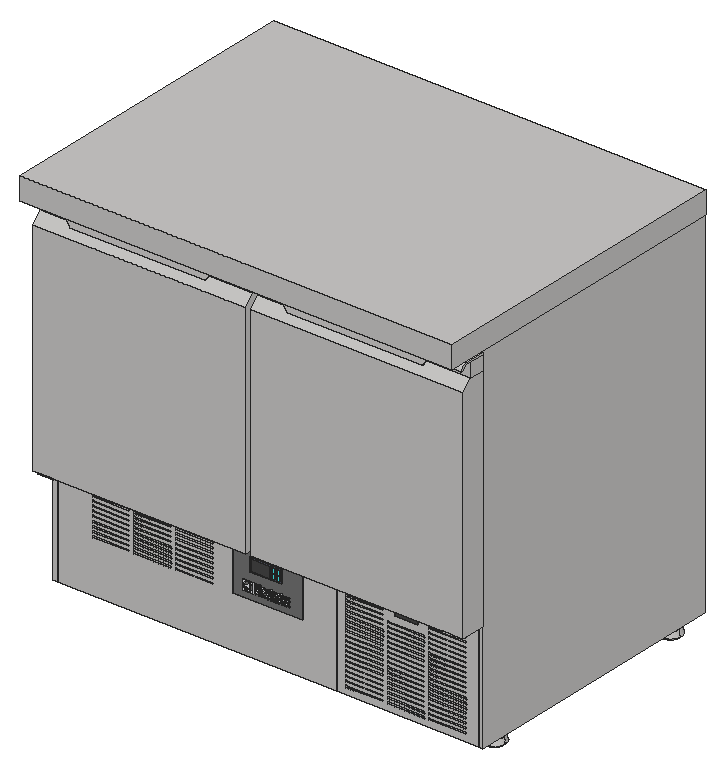
Revit family "QF_ELECTROLUXPROFESSIONAL_725109_SAL25T20", category Attrezzature speciali, Revit 2021
Family settings
  Quota connettore circolare = Usa diametro
  Tipo di parte = Normale
  Basato su piano di lavoro = No
  Sempre verticale = Sì
  Taglio con vuoti quando caricato = No
  Condiviso = No
  Punto di calcolo locali = No
Parameters (values of type "Standard")
  Weight = 82.00 kg
  Watts = 220 W
  Volts = 220 V
  URL Manufacturer = "https://www.electroluxprofessional.com/"
  URL = "https://www.electroluxprofessional.com/"
  Steam Supply Size = 0 mm
  Steam Supply Minimum Pressure = 0.0 Pa
  Steam Supply Maximum Pressure = 0.0 Pa
  Steam Consumption per Hour = 0
  Refrigeration Suction Line Size = 0 mm
  Refrigeration Liquid Line Size = 0 mm
  Refrigerant Compressor Remote = yes
  Prospetto di default = 0 mm
  Produttore = "Electrolux Professional"
  Phase = 1
  Modello = "SAL25T20"
  Length Actual = 955 mm  # constant formula
  Item Number = "725109"
  Hot Water Size = 0 mm
  Height Actual = 858 mm  # constant formula
  HP = "0.3 HP"
  Gas Size = 0 mm
  Gas KW = 0
  Gas Input Pressure = 0 W
  Direct Waste Size = 0 mm
  Descrizione = "2-DOOR REFRIGERATED COUNTER 250L +2+10° + STAINLESS STEEL TOP R290"
  Depth Actual = 700 mm  # constant formula
  Cycle = 50 Hz
  Condensate Return Size = 0 mm
  Compressed Air Volume = 0.0 L/s
  Compressed Air Size = 0 mm
  Compressed Air Pressure = 0.0 Pa
  Cold Water Size = 0 mm
  Accessory = yes
Reference planes
  plane 1: z = 0
  plane 2 "Center (Left/Right)": x = -126.5
  plane 3 "Center (Front/Back)": y = 64.5
  plane 4 "BACK": y = 414.5
  plane 5 "FRONT": y = -285.5
  plane 6 "LEFT": x = -604
  plane 7 "RIGHT": x = 351
  plane 8 "FEET": z = 20
  plane 9 "TOP": z = 858
  plane 10 "PLAIN": z = 808
  plane 11 "EI_back": y = 414.5
  plane 12 "EI_left": x = 287.5
  plane 13 "BorderBack": y = 414.5
  plane 14 "BorderFront": y = -252.5
  plane 15 "DOOR": y = -197.5
  plane 16 "BorderLeft": x = -601.5
  plane 17 "BorderRight": x = 348.5
  plane 18: x = -576.5
  plane 19: x = 323.5
  plane 20: y = -701.5
  plane 21: z = 260
  plane 22 "FeetBack": y = 347.5
  plane 23 "FeetFront": y = -137.5
  plane 24 "FeetRight": x = 326.2
  plane 25 "FeetLeft": x = -579.2
  plane 26 "DrainX": x = -271.5
  plane 27 "DrainY": y = 91.5
  plane 28: z = 238
Forms (mm)
  Extrusion 1, solid, material "QF_Finishes_Stainless Steel"
    sketch origin (-1022.223, 359, -1763) x (-1, 0, 0) y (0, 0, -1)
      loop
        circle (-1309.723, -1883) r 5
    from -55.5 to -57.278
  Extrusion 2, solid, material "QF_Finishes_Stainless Steel"
    sketch origin (-1022.223, -1524, 20) x (-1, 0, 0) y (0, -1, 0)
      loop
        line (-420.723, -1938.5) -> (-420.723, -1326.5) -> (-1370.723, -1326.5) -> (-1370.723, -1938.5) -> (-420.723, -1938.5)
    from 0 to 788
  Extrusion 3, solid, material "QF_Finishes_Stainless Steel"
    sketch origin (0, 0, 808) x (-1, 0, 0) y (0, -1, 0)
      loop
        line (604, -414.5) -> (604, 285.5) -> (-351, 285.5) -> (-351, -414.5) -> (604, -414.5)
    from 0 to 50
  Extrusion 4, void
    sketch origin (0, 0, 0) x (1, 0, 0) y (0, 1, 0)
      loop
        line (-591.5, -197.5) -> (338.5, -197.5) -> (338.5, -195.5) -> (-591.5, -195.5) -> (-591.5, -197.5)
    from 20 to 260
  Extrusion 5, solid, material "QF_Finishes_Stainless Steel"
    sketch origin (0, 0, 0) x (1, 0, 0) y (0, 1, 0)
      loop
        line (-591.5, -195.5) -> (-591.5, -197.5) -> (26.373, -197.5) -> (26.373, -195.5) -> (-591.5, -195.5)
    from 20 to 260
  Extrusion 6, solid, material "QF_Finishes_Stainless Steel"
    sketch origin (0, 0, 0) x (1, 0, 0) y (0, 1, 0)
      loop
        line (26.373, -195.5) -> (26.373, -197.5) -> (338.5, -197.5) -> (338.5, -195.5) -> (26.373, -195.5)
    from 20 to 260
  Extrusion 7, void
    sketch origin (560, -285.5, 0) x (-1, 0, 0) y (0, 0, 1)
      loop
        line (514.036, 239.427) -> (431.036, 239.427) -> (431.036, 234.427) -> (514.036, 234.427) -> (514.036, 239.427)
      loop
        line (514.036, 229.427) -> (431.036, 229.427) -> (431.036, 224.427) -> (514.036, 224.427) -> (514.036, 229.427)
      loop
        line (514.036, 219.427) -> (431.036, 219.427) -> (431.036, 214.427) -> (514.036, 214.427) -> (514.036, 219.427)
      loop
        line (514.036, 209.427) -> (431.036, 209.427) -> (431.036, 204.427) -> (514.036, 204.427) -> (514.036, 209.427)
      loop
        line (514.036, 199.427) -> (431.036, 199.427) -> (431.036, 194.427) -> (514.036, 194.427) -> (514.036, 199.427)
      loop
        line (514.036, 189.427) -> (431.036, 189.427) -> (431.036, 184.427) -> (514.036, 184.427) -> (514.036, 189.427)
      loop
        line (514.036, 179.427) -> (431.036, 179.427) -> (431.036, 174.427) -> (514.036, 174.427) -> (514.036, 179.427)
      loop
        line (514.036, 169.427) -> (431.036, 169.427) -> (431.036, 164.427) -> (514.036, 164.427) -> (514.036, 169.427)
      loop
        line (514.036, 149.427) -> (431.036, 149.427) -> (431.036, 144.427) -> (514.036, 144.427) -> (514.036, 149.427)
      loop
        line (514.036, 139.427) -> (431.036, 139.427) -> (431.036, 134.427) -> (514.036, 134.427) -> (514.036, 139.427)
      loop
        line (422.036, 199.427) -> (339.036, 199.427) -> (339.036, 194.427) -> (422.036, 194.427) -> (422.036, 199.427)
      loop
        line (422.036, 189.427) -> (339.036, 189.427) -> (339.036, 184.427) -> (422.036, 184.427) -> (422.036, 189.427)
      loop
        line (422.036, 179.427) -> (339.036, 179.427) -> (339.036, 174.427) -> (422.036, 174.427) -> (422.036, 179.427)
      loop
        line (422.036, 149.427) -> (339.036, 149.427) -> (339.036, 144.427) -> (422.036, 144.427) -> (422.036, 149.427)
      loop
        line (422.036, 139.427) -> (339.036, 139.427) -> (339.036, 134.427) -> (422.036, 134.427) -> (422.036, 139.427)
      loop
        line (330.036, 239.427) -> (247.036, 239.427) -> (247.036, 234.427) -> (330.036, 234.427) -> (330.036, 239.427)
      loop
        line (330.036, 229.427) -> (247.036, 229.427) -> (247.036, 224.427) -> (330.036, 224.427) -> (330.036, 229.427)
      loop
        line (330.036, 219.427) -> (247.036, 219.427) -> (247.036, 214.427) -> (330.036, 214.427) -> (330.036, 219.427)
      loop
        line (330.036, 209.427) -> (247.036, 209.427) -> (247.036, 204.427) -> (330.036, 204.427) -> (330.036, 209.427)
      loop
        line (330.036, 199.427) -> (247.036, 199.427) -> (247.036, 194.427) -> (330.036, 194.427) -> (330.036, 199.427)
      loop
        line (330.036, 189.427) -> (247.036, 189.427) -> (247.036, 184.427) -> (330.036, 184.427) -> (330.036, 189.427)
      loop
        line (330.036, 179.427) -> (247.036, 179.427) -> (247.036, 174.427) -> (330.036, 174.427) -> (330.036, 179.427)
      loop
        line (330.036, 149.427) -> (247.036, 149.427) -> (247.036, 144.427) -> (330.036, 144.427) -> (330.036, 149.427)
      loop
        line (330.036, 139.427) -> (247.036, 139.427) -> (247.036, 134.427) -> (330.036, 134.427) -> (330.036, 139.427)
      loop
        line (422.036, 169.427) -> (339.036, 169.427) -> (339.036, 164.427) -> (422.036, 164.427) -> (422.036, 169.427)
      loop
        line (330.036, 169.427) -> (247.036, 169.427) -> (247.036, 164.427) -> (330.036, 164.427) -> (330.036, 169.427)
      loop
        line (514.036, 159.427) -> (431.036, 159.427) -> (431.036, 154.427) -> (514.036, 154.427) -> (514.036, 159.427)
      loop
        line (422.036, 159.427) -> (339.036, 159.427) -> (339.036, 154.427) -> (422.036, 154.427) -> (422.036, 159.427)
      loop
        line (330.036, 159.427) -> (247.036, 159.427) -> (247.036, 154.427) -> (330.036, 154.427) -> (330.036, 159.427)
      loop
        line (514.036, 129.427) -> (431.036, 129.427) -> (431.036, 124.427) -> (514.036, 124.427) -> (514.036, 129.427)
      loop
        line (514.036, 119.427) -> (431.036, 119.427) -> (431.036, 114.427) -> (514.036, 114.427) -> (514.036, 119.427)
      loop
        line (514.036, 109.427) -> (431.036, 109.427) -> (431.036, 104.427) -> (514.036, 104.427) -> (514.036, 109.427)
      loop
        line (514.036, 99.427) -> (431.036, 99.427) -> (431.036, 94.427) -> (514.036, 94.427) -> (514.036, 99.427)
      loop
        line (514.036, 79.427) -> (431.036, 79.427) -> (431.036, 74.427) -> (514.036, 74.427) -> (514.036, 79.427)
      loop
        line (514.036, 69.427) -> (431.036, 69.427) -> (431.036, 64.427) -> (514.036, 64.427) -> (514.036, 69.427)
      loop
        line (422.036, 129.427) -> (339.036, 129.427) -> (339.036, 124.427) -> (422.036, 124.427) -> (422.036, 129.427)
      loop
        line (422.036, 119.427) -> (339.036, 119.427) -> (339.036, 114.427) -> (422.036, 114.427) -> (422.036, 119.427)
      loop
        line (422.036, 109.427) -> (339.036, 109.427) -> (339.036, 104.427) -> (422.036, 104.427) -> (422.036, 109.427)
      loop
        line (422.036, 79.427) -> (339.036, 79.427) -> (339.036, 74.427) -> (422.036, 74.427) -> (422.036, 79.427)
      loop
        line (422.036, 69.427) -> (339.036, 69.427) -> (339.036, 64.427) -> (422.036, 64.427) -> (422.036, 69.427)
      loop
        line (330.036, 129.427) -> (247.036, 129.427) -> (247.036, 124.427) -> (330.036, 124.427) -> (330.036, 129.427)
      loop
        line (330.036, 119.427) -> (247.036, 119.427) -> (247.036, 114.427) -> (330.036, 114.427) -> (330.036, 119.427)
      loop
        line (330.036, 109.427) -> (247.036, 109.427) -> (247.036, 104.427) -> (330.036, 104.427) -> (330.036, 109.427)
      loop
        line (330.036, 79.427) -> (247.036, 79.427) -> (247.036, 74.427) -> (330.036, 74.427) -> (330.036, 79.427)
      loop
        line (330.036, 69.427) -> (247.036, 69.427) -> (247.036, 64.427) -> (330.036, 64.427) -> (330.036, 69.427)
      loop
        line (422.036, 99.427) -> (339.036, 99.427) -> (339.036, 94.427) -> (422.036, 94.427) -> (422.036, 99.427)
      loop
        line (330.036, 99.427) -> (247.036, 99.427) -> (247.036, 94.427) -> (330.036, 94.427) -> (330.036, 99.427)
      loop
        line (514.036, 89.427) -> (431.036, 89.427) -> (431.036, 84.427) -> (514.036, 84.427) -> (514.036, 89.427)
      loop
        line (422.036, 89.427) -> (339.036, 89.427) -> (339.036, 84.427) -> (422.036, 84.427) -> (422.036, 89.427)
      loop
        line (330.036, 89.427) -> (247.036, 89.427) -> (247.036, 84.427) -> (330.036, 84.427) -> (330.036, 89.427)
      loop
        line (514.036, 49.427) -> (431.036, 49.427) -> (431.036, 44.427) -> (514.036, 44.427) -> (514.036, 49.427)
      loop
        line (514.036, 39.427) -> (431.036, 39.427) -> (431.036, 34.427) -> (514.036, 34.427) -> (514.036, 39.427)
      loop
        line (422.036, 49.427) -> (339.036, 49.427) -> (339.036, 44.427) -> (422.036, 44.427) -> (422.036, 49.427)
      loop
        line (422.036, 39.427) -> (339.036, 39.427) -> (339.036, 34.427) -> (422.036, 34.427) -> (422.036, 39.427)
      loop
        line (330.036, 49.427) -> (247.036, 49.427) -> (247.036, 44.427) -> (330.036, 44.427) -> (330.036, 49.427)
      loop
        line (330.036, 39.427) -> (247.036, 39.427) -> (247.036, 34.427) -> (330.036, 34.427) -> (330.036, 39.427)
      loop
        line (514.036, 59.427) -> (431.036, 59.427) -> (431.036, 54.427) -> (514.036, 54.427) -> (514.036, 59.427)
      loop
        line (422.036, 59.427) -> (339.036, 59.427) -> (339.036, 54.427) -> (422.036, 54.427) -> (422.036, 59.427)
      loop
        line (330.036, 59.427) -> (247.036, 59.427) -> (247.036, 54.427) -> (330.036, 54.427) -> (330.036, 59.427)
      loop
        line (405.536, 239.427) -> (355.536, 239.427) -> (355.536, 214.427) -> (405.536, 214.427) -> (405.536, 239.427)
    from 88 to 90
  Extrusion 8, solid, material "QF_Finishes_Black"
    sketch origin (0, -285.5, 0) x (-1, 0, 0) y (0, 0, 1)
      loop
        line (-154.464, 239.427) -> (-204.464, 239.427) -> (-204.464, 214.427) -> (-154.464, 214.427) -> (-154.464, 239.427)
    from 88 to 90
  Extrusion 9, solid, material "QF_Finishes_Stainless Steel"
    sketch origin (-1022.223, -1524, 20) x (-1, 0, 0) y (0, -1, 0)
      loop
        circle (-750.723, -1615.5) r 6.35
    from 199.427 to 218
  Extrusion 10, void
    sketch origin (0, -285.5, 0) x (-1, 0, 0) y (0, 0, 1)
      loop
        line (514.036, 239.427) -> (431.036, 239.427) -> (431.036, 234.427) -> (514.036, 234.427) -> (514.036, 239.427)
      loop
        line (514.036, 229.427) -> (431.036, 229.427) -> (431.036, 224.427) -> (514.036, 224.427) -> (514.036, 229.427)
      loop
        line (514.036, 219.427) -> (431.036, 219.427) -> (431.036, 214.427) -> (514.036, 214.427) -> (514.036, 219.427)
      loop
        line (514.036, 209.427) -> (431.036, 209.427) -> (431.036, 204.427) -> (514.036, 204.427) -> (514.036, 209.427)
      loop
        line (514.036, 199.427) -> (431.036, 199.427) -> (431.036, 194.427) -> (514.036, 194.427) -> (514.036, 199.427)
      loop
        line (514.036, 189.427) -> (431.036, 189.427) -> (431.036, 184.427) -> (514.036, 184.427) -> (514.036, 189.427)
      loop
        line (514.036, 179.427) -> (431.036, 179.427) -> (431.036, 174.427) -> (514.036, 174.427) -> (514.036, 179.427)
      loop
        line (514.036, 169.427) -> (431.036, 169.427) -> (431.036, 164.427) -> (514.036, 164.427) -> (514.036, 169.427)
      loop
        line (514.036, 149.427) -> (431.036, 149.427) -> (431.036, 144.427) -> (514.036, 144.427) -> (514.036, 149.427)
      loop
        line (514.036, 139.427) -> (431.036, 139.427) -> (431.036, 134.427) -> (514.036, 134.427) -> (514.036, 139.427)
      loop
        line (422.036, 199.427) -> (339.036, 199.427) -> (339.036, 194.427) -> (422.036, 194.427) -> (422.036, 199.427)
      loop
        line (422.036, 189.427) -> (339.036, 189.427) -> (339.036, 184.427) -> (422.036, 184.427) -> (422.036, 189.427)
      loop
        line (422.036, 179.427) -> (339.036, 179.427) -> (339.036, 174.427) -> (422.036, 174.427) -> (422.036, 179.427)
      loop
        line (422.036, 149.427) -> (339.036, 149.427) -> (339.036, 144.427) -> (422.036, 144.427) -> (422.036, 149.427)
      loop
        line (422.036, 139.427) -> (339.036, 139.427) -> (339.036, 134.427) -> (422.036, 134.427) -> (422.036, 139.427)
      loop
        line (330.036, 239.427) -> (247.036, 239.427) -> (247.036, 234.427) -> (330.036, 234.427) -> (330.036, 239.427)
      loop
        line (330.036, 229.427) -> (247.036, 229.427) -> (247.036, 224.427) -> (330.036, 224.427) -> (330.036, 229.427)
      loop
        line (330.036, 219.427) -> (247.036, 219.427) -> (247.036, 214.427) -> (330.036, 214.427) -> (330.036, 219.427)
      loop
        line (330.036, 209.427) -> (247.036, 209.427) -> (247.036, 204.427) -> (330.036, 204.427) -> (330.036, 209.427)
      loop
        line (330.036, 199.427) -> (247.036, 199.427) -> (247.036, 194.427) -> (330.036, 194.427) -> (330.036, 199.427)
      loop
        line (330.036, 189.427) -> (247.036, 189.427) -> (247.036, 184.427) -> (330.036, 184.427) -> (330.036, 189.427)
      loop
        line (330.036, 179.427) -> (247.036, 179.427) -> (247.036, 174.427) -> (330.036, 174.427) -> (330.036, 179.427)
      loop
        line (330.036, 149.427) -> (247.036, 149.427) -> (247.036, 144.427) -> (330.036, 144.427) -> (330.036, 149.427)
      loop
        line (330.036, 139.427) -> (247.036, 139.427) -> (247.036, 134.427) -> (330.036, 134.427) -> (330.036, 139.427)
      loop
        line (422.036, 169.427) -> (339.036, 169.427) -> (339.036, 164.427) -> (422.036, 164.427) -> (422.036, 169.427)
      loop
        line (330.036, 169.427) -> (247.036, 169.427) -> (247.036, 164.427) -> (330.036, 164.427) -> (330.036, 169.427)
      loop
        line (514.036, 159.427) -> (431.036, 159.427) -> (431.036, 154.427) -> (514.036, 154.427) -> (514.036, 159.427)
      loop
        line (422.036, 159.427) -> (339.036, 159.427) -> (339.036, 154.427) -> (422.036, 154.427) -> (422.036, 159.427)
      loop
        line (330.036, 159.427) -> (247.036, 159.427) -> (247.036, 154.427) -> (330.036, 154.427) -> (330.036, 159.427)
      loop
        line (422.036, 239.427) -> (339.036, 239.427) -> (339.036, 234.427) -> (422.036, 234.427) -> (422.036, 239.427)
      loop
        line (422.036, 229.427) -> (339.036, 229.427) -> (339.036, 224.427) -> (422.036, 224.427) -> (422.036, 229.427)
      loop
        line (422.036, 219.427) -> (339.036, 219.427) -> (339.036, 214.427) -> (422.036, 214.427) -> (422.036, 219.427)
      loop
        line (422.036, 209.427) -> (339.036, 209.427) -> (339.036, 204.427) -> (422.036, 204.427) -> (422.036, 209.427)
      loop
        line (204.5, 134.427) -> (204.5, 239.427) -> (48.5, 239.427) -> (48.5, 134.427) -> (204.5, 134.427)
    from 88 to 90
Cuts and joins
  Extrusion 4, Extrusion 7, Extrusion 10 cuts Extrusion 2
  Extrusion 7, Extrusion 10 cuts Extrusion 5
  Extrusion 7 cuts Extrusion 6
Lines and regions (mm)
  symbolic lines, style "SpecialityEquipment"
    curve 1: line (-604, 414.5, 808) -> (351, 414.5, 808)
    curve 2: line (-604, -285.5, 808) -> (-604, 414.5, 808)
    curve 3: line (351, -285.5, 808) -> (-604, -285.5, 808)
    curve 4: line (351, 414.5, 808) -> (351, -285.5, 808)
  symbolic lines, style "SpecialityEquipmentHiddenLines"
    curve 5: line (-604, -197.5, 808) -> (351, -197.5, 808)
Dimensions and locks
  equal spacing: plane 6 "LEFT", plane 2 "Center (Left/Right)", plane 7 "RIGHT"
  plane 8 "FEET" to level = 20 mm
  plane 4 "BACK" to plane 13 "BorderBack" = 0 mm
  plane 14 "BorderFront" to plane 5 "FRONT" = 33 mm
  plane 15 "DOOR" to plane 14 "BorderFront" = 55 mm
  plane 6 "LEFT" to plane 16 "BorderLeft" = 2.5 mm
  plane 17 "BorderRight" to plane 7 "RIGHT" = 2.5 mm
  plane 10 "PLAIN" to plane 8 "FEET" = 788 mm
  plane 9 "TOP" to plane 10 "PLAIN" = 50 mm
  plane 19 to plane 17 "BorderRight" = 25 mm
  plane 13 "BorderBack" to plane 11 "EI_back" = 0 mm
  plane 6 "LEFT" to plane 7 "RIGHT" = 955 mm
  plane 4 "BACK" to plane 5 "FRONT" = 700 mm
  equal spacing: plane 4 "BACK", plane 3 "Center (Front/Back)", plane 5 "FRONT"
  plane 13 "BorderBack" to plane 20 = 1116 mm
  plane 21 to plane 8 "FEET" = 240 mm
  plane 13 "BorderBack" to plane 22 "FeetBack" = 67 mm
  plane 23 "FeetFront" to plane 15 "DOOR" = 60 mm
  plane 24 "FeetRight" to plane 17 "BorderRight" = 22.3 mm
  plane 12 "EI_left" to plane 17 "BorderRight" = 61 mm
  plane 13 "BorderBack" to plane 27 "DrainY" = 323 mm
  plane 16 "BorderLeft" to plane 26 "DrainX" = 330 mm
  plane 28 to plane 8 "FEET" = 218 mm
  aligned and locked: level to plane 1
Automatic sketch dimensions
  Extrusion 1 sketch curve to plane 12 "EI_left" = 0 mm
  plane 8 "FEET" to Extrusion 1 sketch curve = 100 mm
  Extrusion 2 sketch curve to plane 4 "BACK" = 0 mm
  Extrusion 2 sketch curve to plane 17 "BorderRight" = 0 mm
  Extrusion 2 sketch curve to plane 15 "DOOR" = 0 mm
  Extrusion 2 sketch curve to plane 16 "BorderLeft" = 0 mm
  Extrusion 3 sketch curve to plane 4 "BACK" = 0 mm
  Extrusion 3 sketch curve to plane 7 "RIGHT" = 0 mm
  Extrusion 3 sketch curve to plane 5 "FRONT" = 0 mm
  Extrusion 3 sketch curve to plane 6 "LEFT" = 0 mm
  Extrusion 4 sketch curve to plane 15 "DOOR" = 0 mm
  plane 16 "BorderLeft" to Extrusion 4 sketch curve = 10 mm
  Extrusion 4 sketch curve to plane 17 "BorderRight" = 10 mm
  plane 15 "DOOR" to Extrusion 4 sketch curve = 2 mm
  Extrusion 5 sketch curve to plane 15 "DOOR" = 0 mm
  plane 16 "BorderLeft" to Extrusion 5 sketch curve = 10 mm
  plane 2 "Center (Left/Right)" to Extrusion 5 sketch curve = 152.873 mm
  plane 15 "DOOR" to Extrusion 5 sketch curve = 2 mm
  Extrusion 6 sketch curve to plane 15 "DOOR" = 0 mm
  plane 2 "Center (Left/Right)" to Extrusion 6 sketch curve = 152.873 mm
  Extrusion 6 sketch curve to plane 17 "BorderRight" = 10 mm
  plane 15 "DOOR" to Extrusion 6 sketch curve = 2 mm
  Extrusion 7 sketch curve to plane 19 = 10.536 mm  (x6)
  Extrusion 7 sketch curve to Extrusion 7 sketch curve = 0 mm  (x96)
  Extrusion 7 sketch curve to Extrusion 7 sketch curve = 83 mm  (x4)
  Extrusion 7 sketch curve to plane 21 = 20.573 mm  (x2)
  Extrusion 7 sketch curve to Extrusion 7 sketch curve = 9 mm  (x11)
  Extrusion 7 sketch curve to Extrusion 7 sketch curve = 66.5 mm
  Extrusion 7 sketch curve to Extrusion 7 sketch curve = 16.5 mm
  plane 8 "FEET" to Extrusion 7 sketch curve = 29.427 mm  (x2)
  Extrusion 7 sketch curve to Extrusion 7 sketch curve = 5 mm  (x115)
  Extrusion 7 sketch curve to Extrusion 7 sketch curve = 15 mm
  Extrusion 7 sketch curve to Extrusion 7 sketch curve = 25.5 mm
  Extrusion 8 sketch curve to plane 21 = 20.573 mm
  Extrusion 8 sketch curve to plane 19 = 119.036 mm
  Extrusion 8 sketch curve to Extrusion 8 sketch curve = 50 mm
  Extrusion 8 sketch curve to Extrusion 8 sketch curve = 25 mm
  Extrusion 9 sketch curve to plane 26 "DrainX" = 0 mm
  Extrusion 9 sketch curve to plane 27 "DrainY" = 0 mm
  curve 1 to plane 4 "BACK" = 0 mm
  curve 5 to plane 7 "RIGHT" = 0 mm
  curve 3 to plane 5 "FRONT" = 0 mm
  curve 3 to plane 6 "LEFT" = 0 mm
  curve 5 to plane 15 "DOOR" = 0 mm
  plane 2 "Center (Left/Right)" to Extrusion 10 sketch curve = 78 mm
  plane 28 to Extrusion 10 sketch curve = 1.427 mm  (x4)
  plane 26 "DrainX" to Extrusion 10 sketch curve = 67 mm
  plane 26 "DrainX" to Extrusion 10 sketch curve = 24.464 mm  (x2)
  Extrusion 10 sketch curve to Extrusion 10 sketch curve = 0 mm  (x56)
  Extrusion 10 sketch curve to plane 26 "DrainX" = 58.536 mm
  Extrusion 10 sketch curve to Extrusion 10 sketch curve = 9 mm  (x6)
  Extrusion 10 sketch curve to Extrusion 10 sketch curve = 83 mm
  Extrusion 10 sketch curve to plane 28 = 3.573 mm  (x3)
  Extrusion 10 sketch curve to plane 28 = 13.573 mm  (x2)
  plane 18 to Extrusion 10 sketch curve = 62.464 mm  (x2)
  Extrusion 10 sketch curve to Extrusion 10 sketch curve = 5 mm  (x57)
  radius of Extrusion 1 sketch curve = 5 mm
  radius of Extrusion 9 sketch curve = 6.35 mm
Nested families
  nested 1: "HORIZREF_SD_L" at (-366.5, -197.5, 531.5) x (1, 0, 0) z (0, -1, 0), type "HORIZREF_SD_L"
    with Show Clearance yes
  nested 2: "HORIZREF_SD_R" at (113.5, -197.5, 531.5) x (1, 0, 0) z (0, -1, 0), type "HORIZREF_SD_R"
    with Show Clearance yes
  nested 3: "HORIZREF_ELX_DISPLAY" at (-126.5, -195.5, 184.427) x (1, 0, 0) z (0, -1, 0), type "HORIZREF_ELX_DISPLAY"
    with Show Logo yes
  nested 4: "HORIZREF_FEET20" at (326.2, -137.5, 0), type "HORIZREF_FEET20"
  nested 5: "HORIZREF_FEET20" at (326.2, 347.5, 0), type "HORIZREF_FEET20"
  nested 6: "HORIZREF_FEET20" at (-579.2, -137.5, 0), type "HORIZREF_FEET20"
  nested 7: "HORIZREF_FEET20" at (-579.2, 347.5, 0), type "HORIZREF_FEET20"
  nested 8: "Refrigerator" at (351, -285.5, 808), type "Refrigerator"
Connectors
  electrical at (287.5, 416.278, 120), driven by "Volts"
    settings: on Extrusion 1, index 1, voltage 220 V, apparent load 0 VA, apparent load phase1 0 VA, apparent load phase2 0 VA, apparent load phase3 0 VA, power factor 1, load classification "Other", number of poles 1, system type 31, power factor state 1, is connector primary yes, connector utility no, sub classification motor no, connector description "Electrical Connection"
  piping at (-271.5, 91.5, 219.427), diameter 12.7
    settings: on Extrusion 9, index 2, connector inside diameter 609.6 mm, connector length 0 mm, flow factor 0, pipe flow 0.0 L/s, pressure drop 0.0 Pa, fitting loss kfactor 0, connector angle 0.00°, fixture units 0, engagement length 0 mm, angle of deflection 0.00°, flow configuration 0, flow direction 2, fitting loss method 0, system type 16, joint type 0, gender type 0, connector reference index -1, connector utility 0, adjustable connector no, is connector primary yes, connector description "Drain"
Definition of nested family "HORIZREF_SD_L"
  Parameters
    Show Clearance [instance] = yes
    Default Elevation = 1219.2 mm
  Reference planes
    plane 1 "Centro (Fronte/Retro)": y = 0
    plane 2: z = 0
    plane 3 "Centro (Sinistra/Destra)": x = 0
    plane 4 "Left": x = -235
    plane 5 "Right": x = 235
    plane 6: y = -271.5
    plane 7: y = 271.5
  Forms (mm)
    Extrusion 1, solid
      sketch origin (0, 0, 0) x (1, 0, 0) y (0, 1, 0)
        loop
          line (-1219.2, 1219.2) -> (-1219.2, -1219.2) -> (1219.2, -1219.2) -> (1219.2, 1219.2) -> (-1219.2, 1219.2)
      from 0 to -304.8
    Extrusion 2, solid
      sketch origin (0, -42.5, -3) x (0, 1, 0) y (0, 0, 1)
        loop
          line (-229, 58) -> (-229, 3) -> (279.183, 3) -> (279.183, 37.596) -> (258.779, 58) -> (-229, 58)
      from -235 to 235
    Extrusion 3, solid
      sketch origin (0, -42.5, 0) x (0, 1, 0) y (0, 0, 1)
        loop
          line (314, 0) -> (314, 44.493)
          arc (314, 44.493) -> (310.059, 54.627) -> (300.307, 59.436) r 15
          line (300.307, 59.436) -> (285.612, 60.721) -> (285.351, 57.733) -> (300.046, 56.447)
          arc (300.046, 56.447) -> (307.847, 52.6) -> (311, 44.493) r 12
          line (311, 44.493) -> (311, 0) -> (314, 0)
      from -235 to 235
    Extrusion 4, void
      sketch origin (0, -42.5, 0) x (1, 0, 0) y (0, 1, 0)
        loop
          line (-235, 285.351) -> (-147.017, 285.351)
          arc (-147.017, 285.351) -> (-148.802, 285.771) -> (-150.212, 286.944) r 4
          line (-150.212, 286.944) -> (-160.798, 300.992)
          arc (-160.798, 300.992) -> (-162.208, 302.165) -> (-163.992, 302.585) r 4
          line (-163.992, 302.585) -> (-235, 302.585) -> (-235, 285.351)
        loop
          line (235, 285.351) -> (235, 302.585) -> (163.992, 302.585)
          arc (163.992, 302.585) -> (162.208, 302.165) -> (160.798, 300.992) r 4
          line (160.798, 300.992) -> (150.212, 286.944)
          arc (150.212, 286.944) -> (148.802, 285.771) -> (147.017, 285.351) r 4
          line (147.017, 285.351) -> (235, 285.351)
      from 29.294 to 84.515
    Extrusion 5, solid, visible <- "Show Clearance", detail levels coarse
      sketch origin (0, -42.5, 5) x (-1, 0, 0) y (0, 0, -1)
        loop
          line (230, -499) -> (230, -55) -> (180, -55) -> (180, -499) -> (230, -499)
      from -314 to 229
    Extrusion 6, solid
      sketch origin (-235, 0, 0) x (0, 1, 0) y (0, 0, 1)
        loop
          line (-271.5, 0) -> (-271.5, 55) -> (-274, 55) -> (-274, 0) -> (-271.5, 0)
        loop
          line (271.5, 27.948) -> (271.5, 2.948) -> (271.5, 0) -> (276.503, 0) -> (276.503, 2.5) -> (274, 2.5) -> (274, 27.948) -> (271.5, 27.948)
      from 10 to 45
    Extrusion 7, solid
      sketch origin (0, -42.5, -3) x (0, 1, 0) y (0, 0, 1)
        loop
          line (279.183, 37.596) -> (279.183, 3) -> (311, 3) -> (311, 37.596) -> (279.183, 37.596)
      from -235 to 235
    Extrusion 8, solid, detail levels coarse
      sketch origin (0, 0, 5) x (1, 0, 0) y (0, 0, 1)
        loop
          line (-180, 499) -> (-180, 55) -> (235, 55)
          arc (235, 55) -> (117.187, 360.829) -> (-180, 499) r 437.47
      from -271.5 to 271.5
  Cuts and joins
    Extrusion 4 cuts Extrusion 3
  Lines and regions (mm)
    symbolic lines
      curve 1: line (-180, 0, 88) -> (-180, 0, 504)
      curve 2: line (-180, 0, 504) -> (-230, 0, 504)
      curve 3: line (-230, 0, 504) -> (-230, 0, 88)
      curve 4: arc (-180, 0, 504) -> (107.438, 0, 376.415) -> (232.8, 0, 88) r 433.138
  Dimensions and locks
    plane 4 "Left" to plane 3 "Centro (Sinistra/Destra)" to plane 5 "Right" = 235 mm, 235 mm
    equal spacing: plane 7, plane 1 "Centro (Fronte/Retro)", plane 6
    plane 7 to plane 6 = 543 mm
    aligned and locked: plane 2 to Extrusion 1
    aligned and locked: level to Extrusion 1
  Automatic sketch dimensions
    Extrusion 1 sketch curve to Extrusion 1 sketch curve = 2438.4 mm  (x2)
    Extrusion 2 sketch curve to plane 6 = 0 mm
    Extrusion 2 sketch curve to level = 0 mm
    Extrusion 2 sketch curve to plane 7 = 55.221 mm
    Extrusion 2 sketch curve to Extrusion 2 sketch curve = 20.404 mm  (x2)
    level to Extrusion 2 sketch curve = 34.596 mm
    Extrusion 3 sketch curve to Extrusion 3 sketch curve = 0 mm  (x2)
    Extrusion 3 sketch curve to level = 0 mm
    Extrusion 3 sketch curve to plane 7 = 0 mm
    Extrusion 3 sketch curve to Extrusion 3 sketch curve = 3 mm
    Extrusion 3 sketch curve to plane 7 = 13.693 mm
    Extrusion 3 sketch curve to Extrusion 3 sketch curve = 0.261 mm  (x2)
    Extrusion 3 sketch curve to Extrusion 3 sketch curve = 1.046 mm
    Extrusion 3 sketch curve to Extrusion 3 sketch curve = 14.695 mm
    level to Extrusion 3 sketch curve = 44.493 mm
    Extrusion 7 sketch curve to level = 0 mm
    Extrusion 7 sketch curve to plane 7 = 3 mm
    level to Extrusion 7 sketch curve = 34.596 mm
    Extrusion 7 sketch curve to Extrusion 7 sketch curve = 31.817 mm
    Extrusion 4 sketch curve to plane 4 "Left" = 0 mm
    Extrusion 4 sketch curve to plane 5 "Right" = 0 mm
    Extrusion 4 sketch curve to plane 7 = 11.415 mm
    Extrusion 4 sketch curve to Extrusion 4 sketch curve = 71.008 mm
    Extrusion 4 sketch curve to plane 7 = 13.008 mm  (x2)
    Extrusion 4 sketch curve to Extrusion 4 sketch curve = 3.195 mm  (x4)
    Extrusion 4 sketch curve to plane 7 = 27.056 mm  (x2)
    Extrusion 4 sketch curve to Extrusion 4 sketch curve = 10.586 mm  (x2)
    Extrusion 4 sketch curve to Extrusion 4 sketch curve = 0 mm  (x2)
    Extrusion 4 sketch curve to plane 7 = 24.649 mm
    Extrusion 4 sketch curve to plane 5 "Right" = 87.983 mm
    Extrusion 4 sketch curve to Extrusion 4 sketch curve = 17.234 mm
    Extrusion 4 sketch curve to Extrusion 4 sketch curve = 2.407 mm
    plane 4 "Left" to Extrusion 5 sketch curve = 55 mm
    plane 4 "Left" to Extrusion 5 sketch curve = 5 mm
    level to Extrusion 5 sketch curve = 504 mm
    level to Extrusion 5 sketch curve = 60 mm
    Extrusion 6 sketch curve to level = 0 mm  (x2)
    Extrusion 6 sketch curve to plane 6 = 0 mm
    Extrusion 6 sketch curve to plane 6 = 2.5 mm
    plane 7 to Extrusion 6 sketch curve = 0 mm
    Extrusion 6 sketch curve to Extrusion 6 sketch curve = 2.5 mm
    Extrusion 6 sketch curve to Extrusion 6 sketch curve = 2.503 mm
    level to Extrusion 6 sketch curve = 2.5 mm
    Extrusion 6 sketch curve to Extrusion 6 sketch curve = 0.448 mm
    Extrusion 6 sketch curve to Extrusion 6 sketch curve = 25 mm
    Extrusion 6 sketch curve to Extrusion 6 sketch curve = 55 mm
    Extrusion 8 sketch curve to plane 5 "Right" = 0 mm
    plane 4 "Left" to Extrusion 8 sketch curve = 55 mm
    Extrusion 8 sketch curve to Extrusion 8 sketch curve = 22.413 mm
    level to Extrusion 8 sketch curve = 60 mm
    Extrusion 8 sketch curve to Extrusion 8 sketch curve = 7.104 mm
    plane 4 "Left" to curve 2 = 5 mm
    curve 3 to curve 4 = 29.982 mm
    curve 2 to curve 1 = 50 mm
    level to curve 4 = 71.324 mm
    curve 4 to curve 1 = 16.676 mm
    curve 4 to curve 3 = 16.676 mm
    curve 1 to curve 2 = 416 mm
    curve 4 to plane 5 "Right" = 2.2 mm
Definition of nested family "HORIZREF_SD_R"
  Parameters
    Show Clearance [instance] = yes
    Default Elevation = 1219.2 mm
  Reference planes
    plane 1 "Centro (Fronte/Retro)": y = 0
    plane 2: z = 0
    plane 3 "Centro (Sinistra/Destra)": x = 0
    plane 4 "Left": x = -235
    plane 5 "Right": x = 235
    plane 6: y = -271.5
    plane 7: y = 271.5
  Forms (mm)
    Extrusion 1, solid
      sketch origin (0, 0, 0) x (1, 0, 0) y (0, 1, 0)
        loop
          line (-1219.2, 1219.2) -> (-1219.2, -1219.2) -> (1219.2, -1219.2) -> (1219.2, 1219.2) -> (-1219.2, 1219.2)
      from 0 to -304.8
    Extrusion 2, solid
      sketch origin (0, -42.5, -3) x (0, 1, 0) y (0, 0, 1)
        loop
          line (-229, 58) -> (-229, 3) -> (279.183, 3) -> (279.183, 37.596) -> (258.779, 58) -> (-229, 58)
      from -235 to 235
    Extrusion 3, solid
      sketch origin (0, -42.5, 0) x (0, 1, 0) y (0, 0, 1)
        loop
          line (314, 0) -> (314, 44.493)
          arc (314, 44.493) -> (310.059, 54.627) -> (300.307, 59.436) r 15
          line (300.307, 59.436) -> (285.612, 60.721) -> (285.351, 57.733) -> (300.046, 56.447)
          arc (300.046, 56.447) -> (307.847, 52.6) -> (311, 44.493) r 12
          line (311, 44.493) -> (311, 0) -> (314, 0)
      from -235 to 235
    Extrusion 4, void
      sketch origin (0, -42.5, 0) x (1, 0, 0) y (0, 1, 0)
        loop
          line (-235, 285.351) -> (-147.017, 285.351)
          arc (-147.017, 285.351) -> (-148.802, 285.771) -> (-150.212, 286.944) r 4
          line (-150.212, 286.944) -> (-160.798, 300.992)
          arc (-160.798, 300.992) -> (-162.208, 302.165) -> (-163.992, 302.585) r 4
          line (-163.992, 302.585) -> (-235, 302.585) -> (-235, 285.351)
        loop
          line (235, 285.351) -> (235, 302.585) -> (163.992, 302.585)
          arc (163.992, 302.585) -> (162.208, 302.165) -> (160.798, 300.992) r 4
          line (160.798, 300.992) -> (150.212, 286.944)
          arc (150.212, 286.944) -> (148.802, 285.771) -> (147.017, 285.351) r 4
          line (147.017, 285.351) -> (235, 285.351)
      from 29.294 to 84.515
    Extrusion 5, solid
      sketch origin (0, -42.5, -3) x (0, 1, 0) y (0, 0, 1)
        loop
          line (279.183, 37.596) -> (279.183, 3) -> (311, 3) -> (311, 37.596) -> (279.183, 37.596)
      from -235 to 235
    Extrusion 6, solid, visible <- "Show Clearance", detail levels coarse
      sketch origin (0, -42.5, 5) x (1, 0, 0) y (0, 0, 1)
        loop
          line (230, 499) -> (180, 499) -> (180, 55) -> (230, 55) -> (230, 499)
      from -314 to 229
    Extrusion 7, solid, detail levels coarse
      sketch origin (0, 0, 5) x (-1, 0, 0) y (0, 0, -1)
        loop
          arc (-180, -499) -> (117.187, -360.829) -> (235, -55) r 437.47
          line (235, -55) -> (-180, -55) -> (-180, -499)
      from -271.5 to 271.5
    Extrusion 8, solid
      sketch origin (235, 0, 0) x (0, 1, 0) y (0, 0, -1)
        loop
          line (-271.5, 0) -> (-274, 0) -> (-274, -55) -> (-271.5, -55) -> (-271.5, 0)
        loop
          line (271.5, -27.948) -> (274, -27.948) -> (274, -2.5) -> (276.503, -2.5) -> (276.503, 0) -> (271.5, 0) -> (271.5, -2.948) -> (271.5, -27.948)
      from 10 to 45
  Cuts and joins
    Extrusion 4 cuts Extrusion 3
  Lines and regions (mm)
    symbolic lines
      curve 1: line (180, 0, 88) -> (180, 0, 504)
      curve 2: line (180, 0, 504) -> (230, 0, 504)
      curve 3: line (230, 0, 504) -> (230, 0, 88)
      curve 4: arc (180, 0, 504) -> (-107.438, 0, 376.415) -> (-232.8, 0, 88) r 433.138
  Dimensions and locks
    plane 4 "Left" to plane 3 "Centro (Sinistra/Destra)" to plane 5 "Right" = 235 mm, 235 mm
    equal spacing: plane 7, plane 1 "Centro (Fronte/Retro)", plane 6
    plane 7 to plane 6 = 543 mm
    aligned and locked: plane 2 to Extrusion 1
    aligned and locked: level to Extrusion 1
  Automatic sketch dimensions
    curve 1 to plane 5 "Right" = 55 mm
    curve 1 to curve 4 = 20.018 mm
    curve 2 to plane 5 "Right" = 5 mm
    level to curve 4 = 71.324 mm
    curve 4 to curve 2 = 432.676 mm
    plane 4 "Left" to curve 4 = 2.2 mm
    curve 4 to curve 1 = 16.676 mm
    curve 4 to curve 3 = 16.676 mm
    Extrusion 1 sketch curve to Extrusion 1 sketch curve = 2438.4 mm  (x2)
    Extrusion 2 sketch curve to plane 6 = 0 mm
    Extrusion 2 sketch curve to level = 0 mm
    Extrusion 2 sketch curve to plane 7 = 55.221 mm
    Extrusion 2 sketch curve to Extrusion 2 sketch curve = 20.404 mm  (x2)
    level to Extrusion 2 sketch curve = 34.596 mm
    Extrusion 3 sketch curve to Extrusion 3 sketch curve = 0 mm  (x2)
    Extrusion 3 sketch curve to level = 0 mm
    Extrusion 3 sketch curve to plane 7 = 0 mm
    Extrusion 3 sketch curve to Extrusion 3 sketch curve = 3 mm
    Extrusion 3 sketch curve to plane 7 = 13.693 mm
    Extrusion 3 sketch curve to Extrusion 3 sketch curve = 0.261 mm  (x2)
    Extrusion 3 sketch curve to Extrusion 3 sketch curve = 1.046 mm
    Extrusion 3 sketch curve to Extrusion 3 sketch curve = 14.695 mm
    level to Extrusion 3 sketch curve = 44.493 mm
    Extrusion 4 sketch curve to plane 4 "Left" = 0 mm
    Extrusion 4 sketch curve to plane 5 "Right" = 0 mm
    Extrusion 4 sketch curve to plane 7 = 11.415 mm
    Extrusion 4 sketch curve to Extrusion 4 sketch curve = 71.008 mm
    Extrusion 4 sketch curve to plane 7 = 13.008 mm  (x2)
    Extrusion 4 sketch curve to Extrusion 4 sketch curve = 3.195 mm  (x4)
    Extrusion 4 sketch curve to plane 7 = 27.056 mm  (x2)
    Extrusion 4 sketch curve to Extrusion 4 sketch curve = 10.586 mm  (x2)
    Extrusion 4 sketch curve to plane 7 = 24.649 mm
    Extrusion 4 sketch curve to plane 5 "Right" = 87.983 mm
    Extrusion 4 sketch curve to Extrusion 4 sketch curve = 17.234 mm
    Extrusion 4 sketch curve to Extrusion 4 sketch curve = 2.407 mm
    Extrusion 4 sketch curve to Extrusion 4 sketch curve = 0 mm  (x2)
    Extrusion 5 sketch curve to level = 0 mm
    Extrusion 5 sketch curve to plane 7 = 34.817 mm
    Extrusion 5 sketch curve to plane 7 = 3 mm
    level to Extrusion 5 sketch curve = 34.596 mm
    Extrusion 6 sketch curve to plane 5 "Right" = 55 mm
    Extrusion 6 sketch curve to plane 5 "Right" = 5 mm
    level to Extrusion 6 sketch curve = 60 mm
    Extrusion 6 sketch curve to Extrusion 6 sketch curve = 444 mm
    Extrusion 7 sketch curve to plane 4 "Left" = 0 mm
    Extrusion 7 sketch curve to plane 5 "Right" = 55 mm
    Extrusion 7 sketch curve to Extrusion 7 sketch curve = 22.413 mm
    level to Extrusion 7 sketch curve = 504 mm
    level to Extrusion 7 sketch curve = 67.104 mm
    Extrusion 8 sketch curve to level = 0 mm  (x2)
    Extrusion 8 sketch curve to plane 6 = 0 mm
    Extrusion 8 sketch curve to plane 7 = 0 mm
    Extrusion 8 sketch curve to plane 6 = 2.5 mm
    plane 7 to Extrusion 8 sketch curve = 2.5 mm
    Extrusion 8 sketch curve to Extrusion 8 sketch curve = 2.503 mm
    level to Extrusion 8 sketch curve = 2.5 mm
    Extrusion 8 sketch curve to Extrusion 8 sketch curve = 0.448 mm
    Extrusion 8 sketch curve to Extrusion 8 sketch curve = 25 mm
    level to Extrusion 8 sketch curve = 55 mm
Definition of nested family "HORIZREF_ELX_DISPLAY"
  Parameters
    Show Logo [instance] = yes
    Default Elevation = 1219.2 mm
  Reference planes
    plane 1 "Centro (Fronte/Retro)": y = 0
    plane 2: z = 0
    plane 3 "Centro (Sinistra/Destra)": x = 0
  Forms (mm)
    Extrusion 1, solid
      sketch origin (0, 0, 0) x (1, 0, 0) y (0, 1, 0)
        loop
          line (-1219.2, 1219.2) -> (-1219.2, -1219.2) -> (1219.2, -1219.2) -> (1219.2, 1219.2) -> (-1219.2, 1219.2)
      from 0 to -304.8
    Extrusion 2, solid
      sketch origin (-117.256, -247.111, 0) x (1, 0, 0) y (0, 1, 0)
        loop
          line (77.927, 232.209) -> (77.927, 212.414)
          arc (77.927, 212.414) -> (85.244, 222.312) -> (77.927, 232.209) r 10.352
        loop
          arc (76.92, 232.209) -> (68.688, 230.338) -> (64.721, 222.885) r 10.145
          line (64.721, 222.885) -> (67.996, 222.885)
          arc (67.996, 222.885) -> (73.846, 225.26) -> (76.92, 230.776) r 9.509
          line (76.92, 230.776) -> (76.92, 232.209)
        loop
          arc (76.92, 213.848) -> (73.846, 219.363) -> (67.996, 221.738) r 9.509
          line (67.996, 221.738) -> (64.721, 221.738)
          arc (64.721, 221.738) -> (68.681, 214.224) -> (76.92, 212.16) r 10.411
          line (76.92, 212.16) -> (76.92, 213.848)
        loop
          line (63.97, 233.289) -> (63.97, 211.289) -> (86, 211.289) -> (86, 233.289) -> (63.97, 233.289)
      from 2 to 3.6
    Extrusion 3, solid
      sketch origin (-117.256, -247.111, 0) x (1, 0, 0) y (0, 1, 0)
        loop
          line (98.829, 233.259) -> (91.393, 233.259) -> (91.393, 224.6)
          arc (91.393, 224.6) -> (92.372, 222.237) -> (94.734, 221.259) r 3.341
          line (94.734, 221.259) -> (98.973, 221.259) -> (98.973, 223.201) -> (95.218, 223.201)
          arc (95.218, 223.201) -> (93.984, 223.618) -> (93.459, 224.81) r 1.615
          line (93.459, 224.81) -> (93.459, 226.527) -> (98.508, 226.527) -> (98.508, 228.477) -> (93.459, 228.477) -> (93.459, 231.315) -> (98.829, 231.315) -> (98.829, 233.259)
        loop
          line (100.441, 233.259) -> (100.441, 221.259) -> (102.508, 221.259) -> (102.508, 233.259) -> (100.441, 233.259)
        loop
          line (145.333, 233.259) -> (145.333, 221.259) -> (147.401, 221.259) -> (147.401, 233.259) -> (145.333, 233.259)
        loop
          line (105.926, 225.091) -> (112.709, 225.091)
          arc (112.709, 225.091) -> (111.648, 228.817) -> (108.02, 230.176) r 4.298
          arc (108.02, 230.176) -> (104.824, 228.555) -> (103.912, 225.091) r 4.373
          arc (103.912, 225.091) -> (105.112, 222.194) -> (108.01, 220.994) r 4.097
          arc (108.01, 220.994) -> (110.264, 221.326) -> (112.155, 222.599) r 5.15
          line (112.155, 222.599) -> (110.93, 223.823)
          arc (110.93, 223.823) -> (109.323, 222.859) -> (107.456, 223.021) r 3.039
          arc (107.456, 223.021) -> (106.317, 223.78) -> (105.926, 225.091) r 2.013
        loop
          line (105.978, 226.544) -> (110.632, 226.544)
          arc (110.632, 226.544) -> (109.979, 227.918) -> (108.544, 228.425) r 1.983
          arc (108.544, 228.425) -> (106.888, 227.993) -> (105.978, 226.544) r 2.321
        loop
          line (120.766, 227.409) -> (122.064, 228.707)
          arc (122.064, 228.707) -> (120.436, 229.885) -> (118.459, 230.237) r 4.497
          arc (118.459, 230.237) -> (115.442, 229.135) -> (113.859, 226.34) r 4.652
          arc (113.859, 226.34) -> (116.527, 221.441) -> (121.991, 222.571) r 4.684
          line (121.991, 222.571) -> (120.7, 223.861)
          arc (120.7, 223.861) -> (117.914, 222.94) -> (115.918, 225.091) r 2.714
          arc (115.918, 225.091) -> (116.057, 226.792) -> (117.228, 228.033) r 2.578
          arc (117.228, 228.033) -> (119.103, 228.319) -> (120.766, 227.409) r 2.961
        loop
          line (123.333, 233.259) -> (123.333, 225.058)
          arc (123.333, 225.058) -> (123.512, 223.828) -> (123.973, 222.673) r 5.301
          arc (123.973, 222.673) -> (125.448, 221.5) -> (127.317, 221.253) r 3.531
          line (127.317, 221.253) -> (127.317, 223.19)
          arc (127.317, 223.19) -> (126.761, 223.233) -> (126.243, 223.438) r 1.862
          arc (126.243, 223.438) -> (125.579, 224.14) -> (125.401, 225.091) r 1.713
          line (125.401, 225.091) -> (125.401, 228.06) -> (127.278, 228.06) -> (127.278, 229.938) -> (125.401, 229.938) -> (125.401, 233.259) -> (123.333, 233.259)
        loop
          arc (131.067, 225.821) -> (131.215, 226.686) -> (131.641, 227.453) r 2.607
          arc (131.641, 227.453) -> (132.879, 228.089) -> (134.271, 228.06) r 2.84
          line (134.271, 228.06) -> (134.271, 230.047)
          arc (134.271, 230.047) -> (132.453, 229.875) -> (131.067, 228.687) r 3.016
          line (131.067, 228.687) -> (131.067, 229.938) -> (129.017, 229.938) -> (129.017, 221.259) -> (131.067, 221.259) -> (131.067, 225.821)
        loop
          circle (139.325, 225.597) r 4.599
        loop
          circle (139.325, 225.597) r 2.787
        loop
          arc (154.856, 224.873) -> (154.346, 223.47) -> (152.961, 222.911) r 1.835
          arc (152.961, 222.911) -> (151.577, 223.47) -> (151.067, 224.873) r 1.835
          line (151.067, 224.873) -> (151.067, 229.938) -> (148.982, 229.938) -> (148.982, 224.701)
          arc (148.982, 224.701) -> (150.168, 221.997) -> (152.961, 221.039) r 3.675
          arc (152.961, 221.039) -> (155.786, 222.026) -> (156.94, 224.786) r 3.675
          line (156.94, 224.786) -> (156.94, 229.938) -> (154.856, 229.938) -> (154.856, 224.873)
        loop
          line (158.189, 229.938) -> (161.191, 225.862) -> (157.893, 221.256) -> (160.115, 221.256) -> (162.304, 224.313) -> (164.525, 221.256) -> (166.733, 221.256) -> (163.482, 225.91) -> (166.455, 229.938) -> (164.198, 229.938) -> (162.297, 227.361) -> (160.425, 229.938) -> (158.189, 229.938)
        loop
          line (92.555, 216.284) -> (90.907, 216.284) -> (90.907, 212.134) -> (91.809, 212.134) -> (91.809, 213.563) -> (92.806, 213.563)
          arc (92.806, 213.563) -> (93.922, 215.038) -> (92.555, 216.284) r 1.372
        loop
          arc (92.767, 214.378) -> (93.108, 214.912) -> (92.767, 215.445) r 0.587
          line (92.767, 215.445) -> (91.809, 215.445) -> (91.809, 214.378) -> (92.767, 214.378)
        loop
          line (99.067, 216.284) -> (97.391, 216.284) -> (97.391, 212.134) -> (98.293, 212.134) -> (98.293, 213.563) -> (99.165, 213.563) -> (99.762, 212.134) -> (100.731, 212.134) -> (99.915, 213.884)
          arc (99.915, 213.884) -> (100.306, 214.351) -> (100.437, 214.946) r 1.281
          arc (100.437, 214.946) -> (100.025, 215.894) -> (99.067, 216.284) r 1.37
        loop
          line (98.293, 215.445) -> (98.293, 214.378) -> (99.25, 214.378)
          arc (99.25, 214.378) -> (99.592, 214.912) -> (99.25, 215.445) r 0.587
          line (99.25, 215.445) -> (98.293, 215.445)
        loop
          circle (106.029, 214.209) r 2.156
        loop
          circle (106.029, 214.209) r 1.368
        loop
          line (111.728, 216.284) -> (111.728, 212.134) -> (112.608, 212.134) -> (112.608, 213.584) -> (114.17, 213.584) -> (114.17, 214.514) -> (112.608, 214.514) -> (112.608, 215.39) -> (114.32, 215.39) -> (114.32, 216.284) -> (111.728, 216.284)
        loop
          line (117.82, 216.284) -> (117.82, 213.482)
          arc (117.82, 213.482) -> (118.202, 212.532) -> (119.147, 212.137) r 1.327
          line (119.147, 212.137) -> (120.486, 212.137) -> (120.486, 212.921) -> (119.227, 212.921)
          arc (119.227, 212.921) -> (118.763, 213.304) -> (118.672, 213.899) r 0.845
          line (118.672, 213.899) -> (120.331, 213.899) -> (120.331, 214.683) -> (118.672, 214.683) -> (118.672, 215.5) -> (120.446, 215.5) -> (120.446, 216.284) -> (117.82, 216.284)
        loop
          arc (132.848, 215.758) -> (132.298, 216.209) -> (131.602, 216.353) r 1.485
          arc (131.602, 216.353) -> (130.959, 216.195) -> (130.43, 215.796) r 1.645
          arc (130.43, 215.796) -> (130.333, 214.854) -> (130.941, 214.127) r 1.217
          arc (130.941, 214.127) -> (131.452, 213.957) -> (131.937, 213.722) r 4.201
          arc (131.937, 213.722) -> (132.243, 213.361) -> (132.032, 212.937) r 0.43
          arc (132.032, 212.937) -> (131.64, 212.845) -> (131.25, 212.944) r 0.846
          arc (131.25, 212.944) -> (130.912, 213.187) -> (130.706, 213.548) r 0.983
          line (130.706, 213.548) -> (129.98, 213.209)
          arc (129.98, 213.209) -> (130.241, 212.705) -> (130.663, 212.324) r 1.595
          arc (130.663, 212.324) -> (131.141, 212.12) -> (131.658, 212.068) r 1.719
          arc (131.658, 212.068) -> (132.297, 212.196) -> (132.873, 212.501) r 2.246
          arc (132.873, 212.501) -> (133.128, 213.178) -> (132.996, 213.889) r 1.349
          arc (132.996, 213.889) -> (132.713, 214.216) -> (132.35, 214.453) r 1.564
          arc (132.35, 214.453) -> (131.891, 214.658) -> (131.421, 214.834) r 8.236
          arc (131.421, 214.834) -> (131.149, 215.257) -> (131.542, 215.57) r 0.375
          arc (131.542, 215.57) -> (132.012, 215.457) -> (132.374, 215.136) r 0.998
          line (132.374, 215.136) -> (132.848, 215.758)
        loop
          line (136.655, 216.284) -> (136.655, 212.137) -> (137.508, 212.137) -> (137.508, 216.284) -> (136.655, 216.284)
        loop
          circle (143.258, 214.21) r 1.29
        loop
          circle (143.258, 214.21) r 2.154
        loop
          line (148.978, 212.137) -> (149.84, 212.137) -> (149.84, 214.744) -> (151.737, 212.137) -> (152.566, 212.137) -> (152.566, 216.284) -> (151.705, 216.284) -> (151.705, 213.597) -> (149.808, 216.284) -> (148.978, 216.284) -> (148.978, 212.137)
        loop
          line (156.866, 212.137) -> (157.27, 213.031) -> (158.804, 213.031) -> (159.207, 212.137) -> (160.124, 212.137) -> (158.372, 216.284) -> (157.572, 216.284) -> (155.95, 212.137) -> (156.866, 212.137)
        loop
          line (158.421, 213.882) -> (158.01, 214.793) -> (157.611, 213.882) -> (158.421, 213.882)
        loop
          line (164.359, 212.921) -> (164.359, 216.284) -> (163.507, 216.284) -> (163.507, 212.137) -> (165.954, 212.137) -> (165.954, 212.921) -> (164.359, 212.921)
        loop
          arc (126.63, 215.758) -> (126.081, 216.209) -> (125.384, 216.353) r 1.485
          arc (125.384, 216.353) -> (124.742, 216.195) -> (124.213, 215.796) r 1.645
          arc (124.213, 215.796) -> (124.115, 214.854) -> (124.723, 214.127) r 1.217
          arc (124.723, 214.127) -> (125.234, 213.957) -> (125.719, 213.722) r 4.201
          arc (125.719, 213.722) -> (126.026, 213.361) -> (125.815, 212.937) r 0.43
          arc (125.815, 212.937) -> (125.422, 212.845) -> (125.032, 212.944) r 0.846
          arc (125.032, 212.944) -> (124.695, 213.187) -> (124.488, 213.548) r 0.983
          line (124.488, 213.548) -> (123.763, 213.209)
          arc (123.763, 213.209) -> (124.024, 212.705) -> (124.446, 212.324) r 1.595
          arc (124.446, 212.324) -> (124.923, 212.12) -> (125.441, 212.068) r 1.719
          arc (125.441, 212.068) -> (126.08, 212.196) -> (126.656, 212.501) r 2.246
          arc (126.656, 212.501) -> (126.91, 213.178) -> (126.779, 213.889) r 1.349
          arc (126.779, 213.889) -> (126.495, 214.216) -> (126.132, 214.453) r 1.564
          arc (126.132, 214.453) -> (125.674, 214.658) -> (125.203, 214.834) r 8.236
          arc (125.203, 214.834) -> (124.931, 215.257) -> (125.324, 215.57) r 0.375
          arc (125.324, 215.57) -> (125.795, 215.457) -> (126.156, 215.136) r 0.998
          line (126.156, 215.136) -> (126.63, 215.758)
      from 2 to 3.6
    Extrusion 4, solid
      sketch origin (0, -268.882, 0) x (1, 0, 0) y (0, 1, 0)
        loop
          line (-38.5, 303.882) -> (-38.5, 274.364) -> (31.5, 274.364) -> (31.5, 303.882) -> (-38.5, 303.882)
        loop
          line (-78, 218.882) -> (78, 218.882) -> (78, 318.882) -> (53, 318.882) -> (40, 313.882) -> (-40, 313.882) -> (-53, 318.882) -> (-78, 318.882) -> (-78, 218.882)
      from 0 to 2
    Extrusion 5, solid
      sketch origin (0, -270.882, 0) x (1, 0, 0) y (0, 1, 0)
        loop
          line (-78, 325.882) -> (-78, 320.882) -> (-53, 320.882) -> (-40, 315.882) -> (40, 315.882) -> (53, 320.882) -> (78, 320.882) -> (78, 325.882) -> (-78, 325.882)
      from 0 to 2
    Extrusion 6, solid
      sketch origin (0, -270.882, 0) x (1, 0, 0) y (0, 1, 0)
        loop
          line (-38.5, 305.882) -> (-38.5, 276.364) -> (31.5, 276.364) -> (31.5, 305.882) -> (-38.5, 305.882)
        loop
          line (9.5, 302.882) -> (9.5, 291.882) -> (17.5, 291.882) -> (17.5, 302.882) -> (9.5, 302.882)
        loop
          line (20.512, 302.882) -> (20.512, 291.882) -> (28.512, 291.882) -> (28.512, 302.882) -> (20.512, 302.882)
        loop
          line (20.512, 290.364) -> (20.512, 279.364) -> (28.512, 279.364) -> (28.512, 290.364) -> (20.512, 290.364)
        loop
          line (9.5, 290.364) -> (9.5, 279.364) -> (17.5, 279.364) -> (17.5, 290.364) -> (9.5, 290.364)
        loop
          line (-35.5, 302.882) -> (-35.5, 279.364) -> (6.075, 279.364) -> (6.075, 302.882) -> (-35.5, 302.882)
      from 0 to 4
    Extrusion 7, solid
      sketch origin (0, -270.882, 0) x (1, 0, 0) y (0, 1, 0)
        loop
          line (-35.5, 302.882) -> (-35.5, 279.364) -> (6.075, 279.364) -> (6.075, 302.882) -> (-35.5, 302.882)
      from 0 to 5
    Extrusion 8, solid
      sketch origin (0, -270.882, 0) x (1, 0, 0) y (0, 1, 0)
        loop
          line (9.5, 302.882) -> (9.5, 291.882) -> (17.5, 291.882) -> (17.5, 302.882) -> (9.5, 302.882)
        loop
          line (28.512, 291.882) -> (28.512, 302.882) -> (20.512, 302.882) -> (20.512, 291.882) -> (28.512, 291.882)
        loop
          line (9.5, 279.364) -> (17.5, 279.364) -> (17.5, 290.364) -> (9.5, 290.364) -> (9.5, 279.364)
        loop
          line (28.512, 279.364) -> (28.512, 290.364) -> (20.512, 290.364) -> (20.512, 279.364) -> (28.512, 279.364)
      from 0 to 4
  Dimensions and locks
    aligned and locked: plane 2 to Extrusion 1
    aligned and locked: level to Extrusion 1
Definition of nested family "HORIZREF_FEET20"
  Parameters
    Default Elevation = 0 mm
    FEET = 20 mm
  Reference planes
    plane 1 "Center (Front/Back)": y = 0
    plane 2: z = 0
    plane 3 "Center (Left/Right)": x = 0
    plane 4: z = 20
  Forms (mm)
    Revolve 1, solid
      sketch origin (255.05, 0, 608.09) x (0, 0, 1) y (-1, 0, 0)
        loop
          line (-608.09, 255.05) -> (-608.09, 233.546) -> (-605.676, 231.132) -> (-594.09, 235.349) -> (-594.09, 255.05) -> (-608.09, 255.05)
        axis (-608.09, 255.05) -> (-594.09, 255.05)
      angle from 0 to 360
    Revolve 2, solid
      sketch origin (255.05, 0, 608.09) x (0, 0, 1) y (-1, 0, 0)
        loop
          line (-594.09, 255.05) -> (-594.09, 245.05) -> (-588.09, 245.05) -> (-588.09, 255.05) -> (-594.09, 255.05)
        axis (-594.09, 255.05) -> (-588.09, 255.05)
      angle from 0 to 360
  Dimensions and locks
    "FEET": plane 4 to plane 2
    aligned and locked: level to plane 2
  Automatic sketch dimensions
    Revolve 1 sketch curve to level = 0 mm
    Revolve 1 sketch curve to plane 3 "Center (Left/Right)" = 0 mm  (x2)
    level to Revolve 1 sketch curve = 2.414 mm
    Revolve 1 sketch curve to plane 4 = 6 mm
    plane 3 "Center (Left/Right)" to Revolve 1 sketch curve = 19.701 mm
    Revolve 1 sketch curve to Revolve 1 sketch curve = 1.803 mm
    Revolve 1 sketch curve to Revolve 1 sketch curve = 2.414 mm
    plane 4 to Revolve 1 sketch curve = 50 mm
    Revolve 1 sketch curve to Revolve 1 sketch curve = 20 mm
    Revolve 2 sketch curve to plane 3 "Center (Left/Right)" = 0 mm  (x2)
    Revolve 2 sketch curve to plane 4 = 0 mm
    Revolve 2 sketch curve to plane 4 = 6 mm
    plane 3 "Center (Left/Right)" to Revolve 2 sketch curve = 10 mm
    Revolve 2 sketch curve to Revolve 2 sketch curve = 50 mm
    Revolve 2 sketch curve to Revolve 2 sketch curve = 20 mm
Definition of nested family "Refrigerator"
  Reference planes
    plane 1 "Center (Front/Back)": y = 0
    plane 2: z = 0
    plane 3 "Center (Left/Right)": x = 0
  Lines and regions (mm)
    detail lines, in view "Ref. Level"
      curve 1: spline (-500, 190, 0) -> (-493.185, 166.706, 0) -> (-473.205, 145, 0) -> (-441.421, 126.36, 0) -> (-400, 112.058, 0) -> (-351.764, 103.067, 0) -> (-300, 100, 0) -> (-248.236, 103.067, 0) -> (-200, 112.058, 0) -> (-158.579, 126.36, 0) -> (-126.795, 145, 0) -> (-106.815, 166.706, 0) -> (-100, 190, 0) -> (-106.815, 213.294, 0) -> (-126.795, 235, 0) -> (-158.579, 253.64, 0) -> (-200, 267.942, 0) -> (-248.236, 276.933, 0) -> (-300, 280, 0) -> (-351.764, 276.933, 0) -> (-400, 267.942, 0) -> (-441.421, 253.64, 0) -> (-473.205, 235, 0) -> (-493.185, 213.294, 0) -> (-500, 190, 0)
      curve 2: line (-300, 130, 0) -> (-300, 250, 0)
      curve 3: line (-351.962, 220, 0) -> (-248.038, 160, 0)
      curve 4: line (-351.962, 160, 0) -> (-248.038, 220, 0)
      curve 5: line (-280.884, 246.873, 0) -> (-300, 225, 0)
      curve 6: line (-300, 225, 0) -> (-319.116, 246.873, 0)
      curve 7: line (-330.311, 207.5, 0) -> (-339.696, 234.992, 0)
      curve 8: line (-358.812, 201.882, 0) -> (-330.311, 207.5, 0)
      curve 9: line (-330.311, 172.5, 0) -> (-358.812, 178.118, 0)
      curve 10: line (-339.696, 145.008, 0) -> (-330.311, 172.5, 0)
      curve 11: line (-300, 155, 0) -> (-319.116, 133.127, 0)
      curve 12: line (-280.884, 133.127, 0) -> (-300, 155, 0)
      curve 13: line (-269.689, 172.5, 0) -> (-260.304, 145.008, 0)
      curve 14: line (-241.188, 178.118, 0) -> (-269.689, 172.5, 0)
      curve 15: line (-269.689, 207.5, 0) -> (-241.188, 201.882, 0)
      curve 16: line (-260.304, 234.992, 0) -> (-269.689, 207.5, 0)
